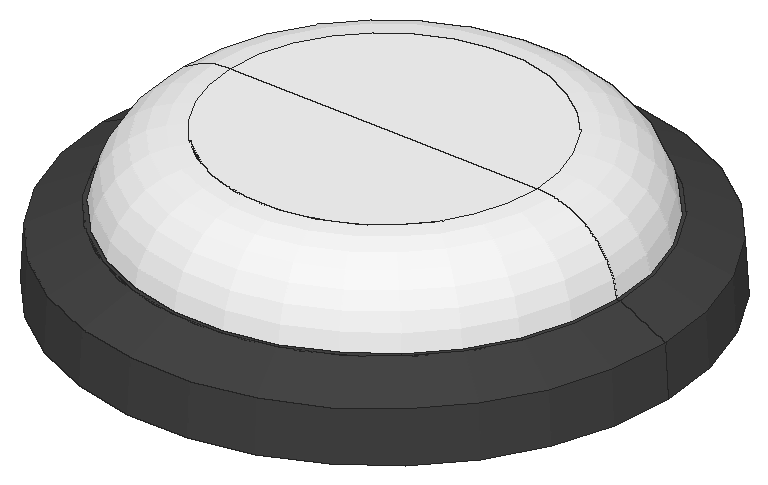
Revit family "AFX-Dean-Outdoor_Flush", category Lighting Fixtures, host Face, Revit 2021
Family settings
  Host = Face
  Round Connector Dimension = Use Diameter
  Part Type = Normal
  Cut with Voids When Loaded = No
  Light Source = Yes
  Shared = No
  Room Calculation Point = No
Parameters (values of type "DEAW08LAJENBK")
  Wattage Comments = "9"
  Wattage = 9.2903 W
  built-in parameter 1150110 = 1 (stored number, unit not read)
  Voltage = 120 V
  URL = "https://www.afxinc.com/"
  Type Comments = "Dean"  # constant formula
  built-in parameter 1114217 = 1 (stored number, unit not read)
  Tilt Angle = 90.00°
  built-in parameter 1150109 = 1 (stored number, unit not read)
  built-in parameter 1150134 = 3
  built-in parameter 1150113 = 1 (stored number, unit not read)
  Body Finish = AFX - Black Steel
  Revit File Built By = "https://servex-us.com/servex-revit/"
  Product Documentation Link = "https://www.afxinc.com/products/productDetail.cfm?productID=2697"
  Power Factor = 1
  Photometric Web File = "CSM100-12W-30K_IESNA2002.IES"
  Model = "DEAW08LAJENBK"
  Manufacturer = "AFX Inc"  # constant formula
  built-in parameter 1150105 = 109.82 (stored number, unit not read)
  Lumens = 1380 lm
  built-in parameter 1150115 = 1 (stored number, unit not read)
  built-in parameter 1150137 = (empty or 0)
  built-in parameter 1150139 = (empty or 0)
  built-in parameter 1150112 = 1 (stored number, unit not read)
  built-in parameter 1150114 = 1 (stored number, unit not read)
  Lamp = ""
  Keynote = "12500"  # constant formula
  built-in parameter 1150132 = (empty or 0)
  built-in parameter 1150102 = (empty or 0)
  built-in parameter 1150107 = 3200 (stored number, unit not read)
  built-in parameter 1150138 = (empty or 0)
  built-in parameter 1150106 = 1.0982 (stored number, unit not read)
  Height = 2"
  Emit from Circle Diameter = 5"
  Emit Shape Visible in Rendering = no
  built-in parameter 1150104 = 13.8 (stored number, unit not read)
  Dimming Lamp Color Temperature Shift = <None>
  Diffuser Finish = AFX - White Acrylic
  Diameter = 8"
  Description = "Outdoor LED Ceiling Light Polycarbonate Housing And Diffuser - 8\"D x 2\"H"
  Default Elevation = 48"
  Colour Rendering Index = "80"
  Color Filter = 16777215
  built-in parameter 1114218 = 1 (stored number, unit not read)
  built-in parameter 1150133 = 10 (stored number, unit not read)
  Assembly Code = "D5020200"
  Apparent Load = 0 VA
Types (3): name | Product Documentation Link | Model | Height | Diameter | Description | Colour Rendering Index
  (no name) | "https://www.afxinc.com/products/productDetail.cfm?productID=2697" | "DEAW08LAJENBK" | 2" | 8" | "Outdoor LED Ceiling Light Polycarbonate Housing And Diffuser - 8\"D x 2\"H" | "80"
  DEAW08LAJENBK | "https://www.afxinc.com/products/productDetail.cfm?productID=2697" | "DEAW08LAJENBK" | 2" | 8" | "Outdoor LED Ceiling Light Polycarbonate Housing And Diffuser - 8\"D x 2\"H" | "80"
  DEAW11LAJENBK | "https://www.afxinc.com/products/productDetail.cfm?productID=2700" | "DEAW11LAJENBK" | 2.8006" | 11" | "Outdoor LED Ceiling Light Polycarbonate Housing And Diffuser - 11\"D x 2 1/2\"H" | "90"
Reference planes (in)
  plane 1 "Center (Front/Back)": y = 0
  plane 2: z = 0
  plane 3 "Center (Left/Right)": x = 0
  plane 4: y = 4
  plane 5: y = -4
  plane 6: x = -4
  plane 7: x = 4
  plane 8: z = 2
  plane 9: z = 1
Forms (in)
  Revolve 1, solid, material "AFX - Black Steel" <- "Body Finish"
    sketch origin (0, 0, 0) x (1, 0, 0) y (0, 0, 1)
      loop
        line (3.96625, 0.69231) -> (3.32544, 1) -> (0, 1) -> (0, 0) -> (4.00253, 0) -> (3.96625, 0.69231)
      axis (0, 1) -> (0, 0)
    angle from 0 to 360
  Revolve 2, solid, material "AFX - White Acrylic" <- "Diffuser Finish"
    sketch origin (0, 0, 0) x (1, 0, 0) y (0, 0, 1)
      loop
        arc (3.2707, 1) -> (2.90544, 1.71331) -> (2.15708, 2) r 1.12007
        line (2.15708, 2) -> (0, 2) -> (0, 1) -> (3.2707, 1)
      axis (0, 2) -> (0, 1)
    angle from 0 to 360
Lines and regions (in)
  symbolic lines
    curve 1: circle (0, 0, 0) r 4 normal (0, 0, 1)
    curve 2: circle (0, 0, 0) r 3.96625 normal (0, 0, 1)
    curve 3: circle (0, 0, 0) r 3.37318 normal (0, 0, 1)
Dimensions and locks (in)
  equal spacing: plane 6, plane 3 "Center (Left/Right)", plane 7
  "Diameter": plane 6 to plane 7
  "Diameter": plane 5 to plane 4
  equal spacing: plane 5, plane 1 "Center (Front/Back)", plane 4
  "Height": plane 8 to plane 2
  equal spacing: plane 8, plane 9, plane 2
  plane 7 to Revolve 1 sketch curve to Revolve 1 sketch curve = 0.03375" locked, 0.64081" locked
  locked: plane 7 to Revolve 2 sketch curve at 1.84292
  locked: plane 8 to Revolve 2 sketch curve at 1.12007
  aligned and locked: plane 2 to host face
  aligned and locked: level to host face
  aligned and locked: imposter light to plane 8
  aligned and locked: imposter light to plane 3 "Center (Left/Right)"
  aligned and locked: Revolve 2 sketch curve to plane 8
  aligned and locked: plane 2 to Revolve 1 sketch curve
  aligned and locked: Revolve 2 sketch curve to plane 9
  aligned and locked: Revolve 1 sketch curve to plane 9
Automatic sketch dimensions
  host sketch curve to host sketch curve = 96"  (x2)
  Revolve 1 sketch curve to plane 3 "Center (Left/Right)" = 0"  (x2)
  plane 7 to Revolve 1 sketch curve = 0.00253"
  Revolve 1 sketch curve to Revolve 1 sketch curve = 2.5456"
  plane 8 to Revolve 1 sketch curve = 1.3482"
  curve 1 to curve 2 = 0"  (x2)
  curve 1 to curve 3 = 0"  (x2)
  curve 2 to curve 3 = 0"  (x2)
  plane 1 "Center (Front/Back)" to curve 2 = 0"
  curve 2 to plane 3 "Center (Left/Right)" = 0"
  plane 9 to Revolve 1 sketch curve = 0.30769"
  Revolve 2 sketch curve to plane 3 "Center (Left/Right)" = 0"  (x2)
  Revolve 2 sketch curve to level = 1.07284"
  Revolve 2 sketch curve to Revolve 2 sketch curve = 1 1/4"
  radius of curve 1 = 4"
  radius of curve 2 = 3.96625"
  radius of curve 3 = 3.37318"
Connectors (in)
  electrical at (0, 0, 0), driven by "Voltage", driven by "Apparent Load", driven by "Power Factor"
    settings: on Revolve 1, index 1, voltage 120 V, apparent load 0 VA, apparent load phase1 0 VA, apparent load phase2 0 VA, apparent load phase3 0 VA, power factor 1, load classification "Lighting", number of poles 1, system type 31, power factor state 1, is connector primary yes, connector utility no, sub classification motor no, connector description ""
